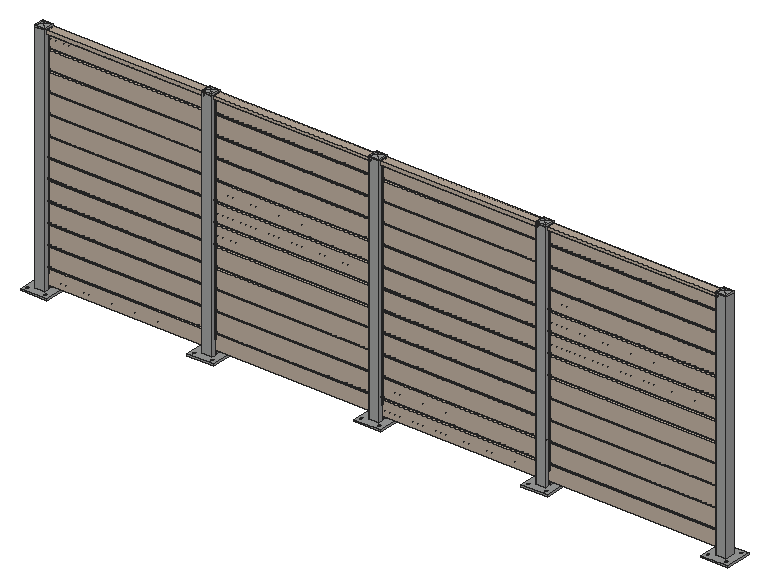
Revit family "Palmshield-Mercury-Solid-Aluminum-Array", category Specialty Equipment, Revit 2023
Family settings
  Round Connector Dimension = Use Diameter
  Part Type = Normal
  OmniClass Number = 23.55.00.00
  OmniClass Title = Manufactured Structures
  Enable Cutting in Views = No
  Cut with Voids When Loaded = No
  Maintain Annotation Orientation = No
  Shared = No
  Room Calculation Point = No
Parameters (values of type "Assembly")
  Warranty URL = "https://palmshieldlouvers.com/wp-content/uploads/2020/01/PalmSHIELD-Warranty-NO-SIGN-LINE.pdf"
  Version = "2020 - v1.0a"  # constant formula
  URL = "https://palmshieldlouvers.com/"
  Type Comments = ""
  Right Post UP [instance] = yes
  Right Post Position [instance] = 3
  Right Post Description [instance] = if(Right Post Position = 1, "Middle Post", if(Right Post Position = 2, "Corner Post", if(Right Post Position = 3, "End Post", "Not a Valid Option")))  # "End Post"
  Right Post DOWN [instance] = not(Right Post UP)  # no
  Left Post UP [instance] = yes
  Left Post Position [instance] = 3
  Left Post DOWN [instance] = not(Left Post UP)  # no
  C Left Post Position [instance] = if(and(Left Post UP, Left Post Position = 2), 3, if(and(Left Post DOWN, Left Post Position = 2), 4, if(Left Post Position = 3, 2, Left Post Position)))  # 2
  Left Post Description [instance] = if(Left Post Position = 1, "Middle Post", if(Left Post Position = 2, "Corner Post", if(Left Post Position = 3, "End Post", "Not a Valid Option")))  # "End Post"
  Left Post [instance] = yes
  Product Page URL = "https://palmshieldlouvers.com/products/augustus-solid/"
  Product Documentation Link = "https://palmshieldlouvers.com/wp-content/uploads/2020/05/PalmSHIELD-Solid-Composite-Technical-Data-Sheet.pdf"
  Post Finish = Metal - PalmSHIELD - Dusty Grey
  Panel Width [instance] = if(Desired Panel Width > C Max Panel Width, C Max Panel Width, if(Desired Panel Width < C Min Panel Width, C Min Panel Width, Desired Panel Width))  # 4' - 0"
  Panel Height [instance] = if(Desired Panel Height > C Max Panel Height, C Max Panel Height, if(Desired Panel Height < C Min Panel Height, C Min Panel Height, Desired Panel Height))  # 6' - 0"
  Model = "Augustus - Aluminum"  # constant formula
  Manufacturer Phone Number = "531-329-4406 "  # constant formula
  Manufacturer Email = "mailto: info@palmshieldlouvers.com"
  Manufacturer Address = "12330 Cary Circle, La Vista, NE 68128"  # constant formula
  Manufacturer = "PalmSHIELD"  # constant formula
  Louver Finsh = Metal - PalmSHIELD - Grey Beige
  Keynote = "05 10 00"
  Instruction Sheet Link = "https://palmshieldlouvers.com/wp-content/uploads/2020/01/PalmSHIELD-Post-Panel-Gate-Installation-Instructions-REV-1.pdf"
  ID [instance] = "Not Assigned"
  Frame Finish = Metal - PalmSHIELD - Dusty Grey
  Filler Panel [instance] = yes
  C Right Post Position [instance] = if(and(Right Post UP, Right Post Position = 2), 3, if(and(Right Post DOWN, Right Post Position = 2), 4, if(Right Post Position = 3, 2, Right Post Position)))  # 2
  Right Post [instance] = yes
  Desired Panel Width [instance] = 4' - 0"
  Desired Panel Height [instance] = 6' - 0"
  Real Length [instance] = if(system length 1 < (C Post Width + C Min Panel Width), (C Post Width + C Min Panel Width), system length 1)  # 17' - 4"
  Description = "Augustus - Aluminum - Panel Assembly"  # constant formula
  system length 1 [instance] = 17' - 4"
  Copyright = "Copyright ©2024 The American Fence Company and PalmSHIELD. All Rights Reserved."  # constant formula
  Component Name [instance] = "Augustus - Aluminum - Panel Assembly"  # constant formula
  C Single Post [instance] = if(C Condition Double, 1 = 1, if(and(Right Post, C Condition Single), 1 = 1, 1 = 0))  # no
  C Single Panel [instance] = or(C Condition Double, C Condition Single)  # no
  C Post Width [instance] = 0' - 3"  # constant formula
  C Multiple Post [instance] = (C Condition Multiple)  # yes
  C Multiple Panels [instance] = (C Condition Multiple)  # yes
  C Min Panel Width [instance] = 4' - 0"  # constant formula
  C Min Panel Height [instance] = C Min Panel Width  # 4' - 0"
  C Max Panel Width [instance] = 6' - 0"  # constant formula
  C Max Panel Height [instance] = 8' - 0"  # constant formula
  C Filler Post [instance] = and(not(C Condition Single), Filler Panel, Right Post, or(C Filler Panel Width = C Min Panel Width, C Filler Panel Width > C Min Panel Width))  # yes
  C Filler Panel Width Calculated [instance] = Real Length - C Calculated Total Length - Panel Width - C Post Width  # 4' - 4"
  C Filler Panel Width [instance] = if(C Filler Panel Width Calculated < C Min Panel Width, C Min Panel Width, if(C Filler Panel Width Calculated > C Max Panel Width, C Max Panel Width, C Filler Panel Width Calculated))  # 4' - 4"
  C Filler Panel [instance] = and(not(C Condition Single), Filler Panel, or(C Filler Panel Width = C Min Panel Width, C Filler Panel Width > C Min Panel Width))  # yes
  C Condition Single [instance] = C Array Count < 1  # no
  C Condition Multiple [instance] = C Array Count > 1  # yes
  C Condition Double [instance] = C Array Count = 1  # no
  C Complete Post [instance] = and(not(C Condition Single), not(Filler Panel), Right Post)  # no
  C Complete Panel [instance] = and(not(C Condition Single), not(Filler Panel))  # no
  C Calculated Total Length [instance] = if(C Array Count < 1, 0' 0", if(C Array Count = 1, C Post Width, Panel Width * (C Array Safe - 1) + C Post Width * (C Array Safe)))  # 8' - 9"
  C Calculated Filler Panel Length [instance] = if(C Array Count < 1, 0' 0", if(or(C Array Count = 2, C Array Count = 1), C Post Width, if(Filler Panel, (C Calculated Total Length - C Post Width - C Filler Panel Width), (C Calculated Total Length - C Post Width - Panel Width))))  # 4' - 2"
  C Array Safe [instance] = if(C Array Count < 2, 2, C Array Count)  # 3
  C Array Count [instance] = if(Filler Panel, roundup(((Real Length - C Min Panel Width) / (Panel Width + C Post Width)) - 1), roundup(((Real Length - (Panel Width)) / (Panel Width + C Post Width)) - 1))  # 3
  Assembly Code = "F1020100"
Reference planes (in)
  plane 1 "Center (Front/Back)": y = 0
  plane 2: z = 0
  plane 3 "Left": x = 0
  plane 4 "Right": x = 208
  plane 5 "Top": z = 72
  plane 6: x = 48
  plane 7: x = 51
  plane 8: x = 99
  plane 9: x = 102
  plane 10: x = -3
  plane 11: x = 153
  plane 12: x = 47
  plane 13: x = 205
  plane 14: x = 201
  plane 15: x = -1.5
  plane 16: x = 208
  plane 17: x = 206.5
  plane 18: x = 202.5
  plane 19: x = 204
  plane 20: x = 49.5
  plane 21: x = 100.5
  plane 22: y = -1.5
  plane 23: y = 1.5
Lines and regions (in)
  reference lines
    curve 1: line (0, 0, 0) -> (208, 0, 0)
Dimensions and locks (in)
  "system length 1": plane 3 "Left" to plane 4 "Right"
  "Panel Width": plane 6 to plane 3 "Left"
  "C Post Width": plane 7 to plane 6
  "Panel Width": plane 8 to plane 7
  "C Post Width": plane 9 to plane 8
  "C Post Width": plane 3 "Left" to plane 10
  "C Calculated Filler Panel Length": plane 12 to plane 10
  "C Filler Panel Width": plane 13 to plane 11
  "Panel Width": plane 14 to plane 11
  "C Calculated Total Length": plane 11 to plane 6
  equal spacing: plane 10, plane 15, plane 3 "Left"
  equal spacing: plane 16, plane 17, plane 13
  "C Post Width": plane 16 to plane 13
  equal spacing: plane 19, plane 18, plane 14
  "C Post Width": plane 19 to plane 14
  equal spacing: plane 9, plane 21, plane 8
  equal spacing: plane 7, plane 20, plane 6
  equal spacing: plane 22, plane 1 "Center (Front/Back)", plane 23
  "C Post Width": plane 22 to plane 23
  "Panel Height": plane 5 "Top" to level
  equal spacing: group 1, group 2, group 3  (x3)
  equal spacing: group 4, group 5, group 6  (x3)
  aligned and locked: plane 4 "Right" to curve 1
  aligned and locked: plane 1 "Center (Front/Back)" to curve 1
  aligned and locked: plane 3 "Left" to curve 1
  aligned and locked: level to plane 2
  aligned and locked: plane 3 "Left" to nested 1
  aligned and locked: nested 3 to plane 14
  aligned and locked: plane 1 "Center (Front/Back)" to nested 5
  aligned and locked: plane 1 "Center (Front/Back)" to nested 4
  aligned and locked: plane 1 "Center (Front/Back)" to nested 7
  aligned and locked: plane 17 to nested 5
  aligned and locked: plane 18 to nested 4
  aligned and locked: plane 20 to nested 7
  aligned and locked: plane 15 to nested 8
  aligned and locked: nested 8 to plane 1 "Center (Front/Back)"
  aligned and locked: plane 1 "Center (Front/Back)" to nested 6
  aligned and locked: plane 3 "Left" to nested 6
  aligned and locked: plane 11 to nested 2
  aligned and locked: plane 1 "Center (Front/Back)" to nested 2
  aligned and locked: plane 7 to nested 11
  aligned and locked: plane 1 "Center (Front/Back)" to nested 11
  aligned and locked: plane 1 "Center (Front/Back)" to nested 1
  aligned and locked: plane 1 "Center (Front/Back)" to nested 3
  aligned and locked: nested 69 to plane 1 "Center (Front/Back)"
  aligned and locked: plane 20 to nested 69
  aligned and locked: nested 73 to plane 1 "Center (Front/Back)"
  aligned and locked: plane 21 to nested 73
Nested families (in)
  nested 1: "Screening-Louver-Assembly-Panel-Palmshield-Mercury_Economic-Solid-Aluminum" at (0, 0, 0), Desired Overall Height <- "Panel Height", Desired Overall Width <- "Panel Width", visible <- "C Single Panel", Component Vis <- "C Single Panel", ID <- "ID", type ""
    with Width 4' - 0", ID "Not Assigned", Height 6' - 0", Desired Overall Width 4' - 0", Desired Overall Height 6' - 0", Desired Bottom Angle 0.00°, Component Vis no, Component Name "Mercury Economic Solid - Aluminum - Panel Assembly", C Min Width 4' - 0", C Min Height 4' - 0", C Max Width 6' - 0", C Max Height 8' - 0", C Angle 0.00°
  nested 2: "Screening-Louver-Assembly-Panel-Palmshield-Mercury_Economic-Solid-Aluminum" at (153, 0, 0), Desired Overall Height <- "Panel Height", Desired Overall Width <- "C Filler Panel Width", visible <- "C Filler Panel", Component Vis <- "C Filler Panel", ID <- "ID", type ""
    with Width 4' - 4", ID "Not Assigned", Height 6' - 0", Desired Overall Width 4' - 4", Desired Overall Height 6' - 0", Desired Bottom Angle 0.00°, Component Vis yes, Component Name "Mercury Economic Solid - Aluminum - Panel Assembly", C Min Width 4' - 0", C Min Height 4' - 0", C Max Width 6' - 0", C Max Height 8' - 0", C Angle 0.00°
  nested 3: "Screening-Louver-Assembly-Panel-Palmshield-Mercury_Economic-Solid-Aluminum" at (153, 0, 0), Desired Overall Height <- "Panel Height", Desired Overall Width <- "Panel Width", visible <- "C Complete Panel", Component Vis <- "C Complete Panel", ID <- "ID", type ""
    with Width 4' - 0", ID "Not Assigned", Height 6' - 0", Desired Overall Width 4' - 0", Desired Overall Height 6' - 0", Desired Bottom Angle 0.00°, Component Vis no, Component Name "Mercury Economic Solid - Aluminum - Panel Assembly", C Min Width 4' - 0", C Min Height 4' - 0", C Max Width 6' - 0", C Max Height 8' - 0", C Angle 0.00°
  nested 4: "Screening-Louver-Assembly-Post-Palmshield-Mercury_Economic-Solid" at (202.5, 0, 0), Desired Overall Height <- "Panel Height", visible <- "C Complete Post", Component Vis <- "C Complete Post", ID <- "ID", type ""
    with Post Position 1, ID "Not Assigned", Height 6' - 0", Desired Overall Height 6' - 0", Component Vis no, Component Name "Mercury Economic Solid - Aluminum - Square Post", C Min Height 3' - 4", C Max Height 8' - 0"
  nested 5: "Screening-Louver-Assembly-Post-Palmshield-Mercury_Economic-Solid" at (206.5, 0, 0), Desired Overall Height <- "Panel Height", visible <- "C Filler Post", Component Vis <- "C Filler Post", ID <- "ID", Post Position <- "C Right Post Position", type ""
    with Post Position 2, ID "Not Assigned", Height 6' - 0", Desired Overall Height 6' - 0", Component Vis yes, Component Name "Mercury Economic Solid - Aluminum - Square Post", C Min Height 3' - 4", C Max Height 8' - 0"
  nested 6: "Screening-Louver-Assembly-Panel-Palmshield-Mercury_Economic-Solid-Aluminum" at (0, 0, 0), Desired Overall Height <- "Panel Height", Desired Overall Width <- "Panel Width", visible <- "C Multiple Panels", Component Vis <- "C Multiple Panels", ID <- "ID", type "Assembly"
    with Width 4' - 0", ID "Not Assigned", Height 6' - 0", Desired Overall Width 4' - 0", Desired Overall Height 6' - 0", Desired Bottom Angle 0.00°, Component Vis yes, Component Name "Mercury Economic Solid - Aluminum - Panel Assembly", C Min Width 4' - 0", C Min Height 4' - 0", C Max Width 6' - 0", C Max Height 8' - 0", C Angle 0.00°
  nested 7: "Screening-Louver-Assembly-Post-Palmshield-Mercury_Economic-Solid" at (49.5, 0, 0), Desired Overall Height <- "Panel Height", visible <- "C Single Post", Component Vis <- "C Single Post", ID <- "ID", type ""
    with Post Position 1, ID "Not Assigned", Height 6' - 0", Desired Overall Height 6' - 0", Component Vis no, Component Name "Mercury Economic Solid - Aluminum - Square Post", C Min Height 3' - 4", C Max Height 8' - 0"
  nested 8: "Screening-Louver-Assembly-Post-Palmshield-Mercury_Economic-Solid" at (-1.5, 0, 0) x (-1, 0, 0) z (0, 0, 1), Desired Overall Height <- "Panel Height", visible <- "Left Post", Component Vis <- "Left Post", ID <- "ID", type ""
    with Post Position 1, ID "Not Assigned", Height 6' - 0", Desired Overall Height 6' - 0", Component Vis yes, Component Name "Mercury Economic Solid - Aluminum - Square Post", C Min Height 3' - 4", C Max Height 8' - 0"
  nested 9: "Nested-Base_Plate-Palmshield-Mercury_Economic-Solid-Vinyl" at (-1.5, 0, 0) x (-1, 0, 0) z (0, 0, 1), type ""
    with Material Metal - PalmSHIELD - Dusty Grey, ID "Not Assigned", Component Name "Mercury Economic Solid - Aluminum - Base Plate"
  nested 10: "Nested-Top_Cap-Palmshield-Mercury_Economic-Solid-Vinyl" at (-1.5, 0, 72) x (-1, 0, 0) z (0, 0, 1), type ""
    with Material Metal - PalmSHIELD - Dusty Grey, ID "Not Assigned", Component Name "Mercury Economic Solid - Aluminum - Top Cap"
  nested 11: "Screening-Louver-Assembly-Panel-Palmshield-Mercury_Economic-Solid-Aluminum" at (51, 0, 0), Desired Overall Height <- "Panel Height", Desired Overall Width <- "Panel Width", visible <- "C Multiple Panels", Component Vis <- "C Multiple Panels", ID <- "ID", type "Assembly"
    with Width 4' - 0", ID "Not Assigned", Height 6' - 0", Desired Overall Width 4' - 0", Desired Overall Height 6' - 0", Desired Bottom Angle 0.00°, Component Vis yes, Component Name "Mercury Economic Solid - Aluminum - Panel Assembly", C Min Width 4' - 0", C Min Height 4' - 0", C Max Width 6' - 0", C Max Height 8' - 0", C Angle 0.00°
  nested 12: "Nested-Louvers-Palmshield-Mercury_Economic-Solid-Aluminum" at (50.5, 0, 6.625) x (0, 1, 0) z (1, 0, 0), type ""
    with Material Metal - PalmSHIELD - Grey Beige, Length 4' - 1", ID "Not Assigned", Field Cut no, Desired Cut Distance 0' - 1 3/4", Component Name "Mercury Economic Solid - Aluminum - Louvers", C Cut Distance 0' - 0 3/4"
  nested 13: "Nested-Louvers-Palmshield-Mercury_Economic-Solid-Aluminum" at (50.5, 0, 36.625) x (0, 1, 0) z (1, 0, 0), type ""
    with Material Metal - PalmSHIELD - Grey Beige, Length 4' - 1", ID "Not Assigned", Field Cut no, Desired Cut Distance 0' - 1 3/4", Component Name "Mercury Economic Solid - Aluminum - Louvers", C Cut Distance 0' - 0 3/4"
  nested 14: "Nested-Louvers-Palmshield-Mercury_Economic-Solid-Aluminum" at (50.5, 0, 42.625) x (0, 1, 0) z (1, 0, 0), type ""
    with Material Metal - PalmSHIELD - Grey Beige, Length 4' - 1", ID "Not Assigned", Field Cut no, Desired Cut Distance 0' - 1 3/4", Component Name "Mercury Economic Solid - Aluminum - Louvers", C Cut Distance 0' - 0 3/4"
  nested 15: "Nested-Louvers-Palmshield-Mercury_Economic-Solid-Aluminum" at (50.5, 0, 48.625) x (0, 1, 0) z (1, 0, 0), type ""
    with Material Metal - PalmSHIELD - Grey Beige, Length 4' - 1", ID "Not Assigned", Field Cut no, Desired Cut Distance 0' - 1 3/4", Component Name "Mercury Economic Solid - Aluminum - Louvers", C Cut Distance 0' - 0 3/4"
  nested 16: "Nested-Louvers-Palmshield-Mercury_Economic-Solid-Aluminum" at (50.5, 0, 54.625) x (0, 1, 0) z (1, 0, 0), type ""
    with Material Metal - PalmSHIELD - Grey Beige, Length 4' - 1", ID "Not Assigned", Field Cut no, Desired Cut Distance 0' - 1 3/4", Component Name "Mercury Economic Solid - Aluminum - Louvers", C Cut Distance 0' - 0 3/4"
  nested 17: "Nested-Louvers-Palmshield-Mercury_Economic-Solid-Aluminum" at (50.5, 0, 60.625) x (0, 1, 0) z (1, 0, 0), type ""
    with Material Metal - PalmSHIELD - Grey Beige, Length 4' - 1", ID "Not Assigned", Field Cut no, Desired Cut Distance 0' - 1 3/4", Component Name "Mercury Economic Solid - Aluminum - Louvers", C Cut Distance 0' - 0 3/4"
  nested 18: "Nested-U_Channel-Palmshield-Mercury_Economic-Solid-Aluminum" at (50.5, 0, 72) x (0, 1, 0) z (1, 0, 0), type ""
    with Material Metal - PalmSHIELD - Grey Beige, Length 4' - 1", ID "Not Assigned", Component Name "Mercury Economic Solid - Aluminum - U Channel"
  nested 19: "Nested-Louvers-Palmshield-Mercury_Economic-Solid-Aluminum" at (50.5, 0, 66.625) x (0, 1, 0) z (1, 0, 0), type ""
    with Material Metal - PalmSHIELD - Grey Beige, Length 4' - 1", ID "Not Assigned", Field Cut yes, Desired Cut Distance 0' - 2 5/8", Component Name "Mercury Economic Solid - Aluminum - Louvers", C Cut Distance 0' - 2 5/8"
  nested 20: "Nested-Louvers-Palmshield-Mercury_Economic-Solid-Aluminum" at (50.5, 0, 6.625) x (0, -1, 0) z (1, 0, 0), type ""
    with Material Metal - PalmSHIELD - Grey Beige, Length 4' - 1", ID "Not Assigned", Field Cut yes, Desired Cut Distance 0' - 2 3/8", Component Name "Mercury Economic Solid - Aluminum - Louvers", C Cut Distance 0' - 2 3/8"
  nested 21: "Nested-Louvers-Palmshield-Mercury_Economic-Solid-Aluminum" at (-0.5, 0, 6.625) x (0, 1, 0) z (1, 0, 0), type ""
    with Material Metal - PalmSHIELD - Grey Beige, Length 4' - 1", ID "Not Assigned", Field Cut no, Desired Cut Distance 0' - 1 3/4", Component Name "Mercury Economic Solid - Aluminum - Louvers", C Cut Distance 0' - 0 3/4"
  nested 22: "Nested-Louvers-Palmshield-Mercury_Economic-Solid-Aluminum" at (-0.5, 0, 36.625) x (0, 1, 0) z (1, 0, 0), type ""
    with Material Metal - PalmSHIELD - Grey Beige, Length 4' - 1", ID "Not Assigned", Field Cut no, Desired Cut Distance 0' - 1 3/4", Component Name "Mercury Economic Solid - Aluminum - Louvers", C Cut Distance 0' - 0 3/4"
  nested 23: "Nested-Louvers-Palmshield-Mercury_Economic-Solid-Aluminum" at (-0.5, 0, 42.625) x (0, 1, 0) z (1, 0, 0), type ""
    with Material Metal - PalmSHIELD - Grey Beige, Length 4' - 1", ID "Not Assigned", Field Cut no, Desired Cut Distance 0' - 1 3/4", Component Name "Mercury Economic Solid - Aluminum - Louvers", C Cut Distance 0' - 0 3/4"
  nested 24: "Nested-Louvers-Palmshield-Mercury_Economic-Solid-Aluminum" at (-0.5, 0, 48.625) x (0, 1, 0) z (1, 0, 0), type ""
    with Material Metal - PalmSHIELD - Grey Beige, Length 4' - 1", ID "Not Assigned", Field Cut no, Desired Cut Distance 0' - 1 3/4", Component Name "Mercury Economic Solid - Aluminum - Louvers", C Cut Distance 0' - 0 3/4"
  nested 25: "Nested-Louvers-Palmshield-Mercury_Economic-Solid-Aluminum" at (-0.5, 0, 54.625) x (0, 1, 0) z (1, 0, 0), type ""
    with Material Metal - PalmSHIELD - Grey Beige, Length 4' - 1", ID "Not Assigned", Field Cut no, Desired Cut Distance 0' - 1 3/4", Component Name "Mercury Economic Solid - Aluminum - Louvers", C Cut Distance 0' - 0 3/4"
  nested 26: "Nested-Louvers-Palmshield-Mercury_Economic-Solid-Aluminum" at (-0.5, 0, 60.625) x (0, 1, 0) z (1, 0, 0), type ""
    with Material Metal - PalmSHIELD - Grey Beige, Length 4' - 1", ID "Not Assigned", Field Cut no, Desired Cut Distance 0' - 1 3/4", Component Name "Mercury Economic Solid - Aluminum - Louvers", C Cut Distance 0' - 0 3/4"
  nested 27: "Nested-U_Channel-Palmshield-Mercury_Economic-Solid-Aluminum" at (-0.5, 0, 72) x (0, 1, 0) z (1, 0, 0), type ""
    with Material Metal - PalmSHIELD - Grey Beige, Length 4' - 1", ID "Not Assigned", Component Name "Mercury Economic Solid - Aluminum - U Channel"
  nested 28: "Nested-Louvers-Palmshield-Mercury_Economic-Solid-Aluminum" at (-0.5, 0, 66.625) x (0, 1, 0) z (1, 0, 0), type ""
    with Material Metal - PalmSHIELD - Grey Beige, Length 4' - 1", ID "Not Assigned", Field Cut yes, Desired Cut Distance 0' - 2 5/8", Component Name "Mercury Economic Solid - Aluminum - Louvers", C Cut Distance 0' - 2 5/8"
  nested 29: "Nested-Louvers-Palmshield-Mercury_Economic-Solid-Aluminum" at (-0.5, 0, 6.625) x (0, -1, 0) z (1, 0, 0), type ""
    with Material Metal - PalmSHIELD - Grey Beige, Length 4' - 1", ID "Not Assigned", Field Cut yes, Desired Cut Distance 0' - 2 3/8", Component Name "Mercury Economic Solid - Aluminum - Louvers", C Cut Distance 0' - 2 3/8"
  nested 30: "Nested-Louvers-Palmshield-Mercury_Economic-Solid-Aluminum" at (152.5, 0, 6.625) x (0, 1, 0) z (1, 0, 0), type ""
    with Material Metal - PalmSHIELD - Grey Beige, Length 4' - 5", ID "Not Assigned", Field Cut no, Desired Cut Distance 0' - 1 3/4", Component Name "Mercury Economic Solid - Aluminum - Louvers", C Cut Distance 0' - 0 3/4"
  nested 31: "Nested-Louvers-Palmshield-Mercury_Economic-Solid-Aluminum" at (152.5, 0, 36.625) x (0, 1, 0) z (1, 0, 0), type ""
    with Material Metal - PalmSHIELD - Grey Beige, Length 4' - 5", ID "Not Assigned", Field Cut no, Desired Cut Distance 0' - 1 3/4", Component Name "Mercury Economic Solid - Aluminum - Louvers", C Cut Distance 0' - 0 3/4"
  nested 32: "Nested-Louvers-Palmshield-Mercury_Economic-Solid-Aluminum" at (152.5, 0, 42.625) x (0, 1, 0) z (1, 0, 0), type ""
    with Material Metal - PalmSHIELD - Grey Beige, Length 4' - 5", ID "Not Assigned", Field Cut no, Desired Cut Distance 0' - 1 3/4", Component Name "Mercury Economic Solid - Aluminum - Louvers", C Cut Distance 0' - 0 3/4"
  nested 33: "Nested-Louvers-Palmshield-Mercury_Economic-Solid-Aluminum" at (152.5, 0, 48.625) x (0, 1, 0) z (1, 0, 0), type ""
    with Material Metal - PalmSHIELD - Grey Beige, Length 4' - 5", ID "Not Assigned", Field Cut no, Desired Cut Distance 0' - 1 3/4", Component Name "Mercury Economic Solid - Aluminum - Louvers", C Cut Distance 0' - 0 3/4"
  nested 34: "Nested-Louvers-Palmshield-Mercury_Economic-Solid-Aluminum" at (152.5, 0, 54.625) x (0, 1, 0) z (1, 0, 0), type ""
    with Material Metal - PalmSHIELD - Grey Beige, Length 4' - 5", ID "Not Assigned", Field Cut no, Desired Cut Distance 0' - 1 3/4", Component Name "Mercury Economic Solid - Aluminum - Louvers", C Cut Distance 0' - 0 3/4"
  nested 35: "Nested-Louvers-Palmshield-Mercury_Economic-Solid-Aluminum" at (152.5, 0, 60.625) x (0, 1, 0) z (1, 0, 0), type ""
    with Material Metal - PalmSHIELD - Grey Beige, Length 4' - 5", ID "Not Assigned", Field Cut no, Desired Cut Distance 0' - 1 3/4", Component Name "Mercury Economic Solid - Aluminum - Louvers", C Cut Distance 0' - 0 3/4"
  nested 36: "Nested-U_Channel-Palmshield-Mercury_Economic-Solid-Aluminum" at (152.5, 0, 72) x (0, 1, 0) z (1, 0, 0), type ""
    with Material Metal - PalmSHIELD - Grey Beige, Length 4' - 5", ID "Not Assigned", Component Name "Mercury Economic Solid - Aluminum - U Channel"
  nested 37: "Nested-Louvers-Palmshield-Mercury_Economic-Solid-Aluminum" at (152.5, 0, 66.625) x (0, 1, 0) z (1, 0, 0), type ""
    with Material Metal - PalmSHIELD - Grey Beige, Length 4' - 5", ID "Not Assigned", Field Cut yes, Desired Cut Distance 0' - 2 5/8", Component Name "Mercury Economic Solid - Aluminum - Louvers", C Cut Distance 0' - 2 5/8"
  nested 38: "Nested-Louvers-Palmshield-Mercury_Economic-Solid-Aluminum" at (152.5, 0, 6.625) x (0, -1, 0) z (1, 0, 0), type ""
    with Material Metal - PalmSHIELD - Grey Beige, Length 4' - 5", ID "Not Assigned", Field Cut yes, Desired Cut Distance 0' - 2 3/8", Component Name "Mercury Economic Solid - Aluminum - Louvers", C Cut Distance 0' - 2 3/8"
  nested 39: "Nested-Base_Plate-Palmshield-Mercury_Economic-Solid-Vinyl" at (206.5, 0, 0), type ""
    with Material Metal - PalmSHIELD - Dusty Grey, ID "Not Assigned", Component Name "Mercury Economic Solid - Aluminum - Base Plate"
  nested 40: "Nested-Top_Cap-Palmshield-Mercury_Economic-Solid-Vinyl" at (206.5, 0, 72), type ""
    with Material Metal - PalmSHIELD - Dusty Grey, ID "Not Assigned", Component Name "Mercury Economic Solid - Aluminum - Top Cap"
  nested 41: "Screening-Louver-Assembly-Panel-Palmshield-Mercury_Economic-Solid-Aluminum" at (102, 0, 0), Desired Overall Height <- "Panel Height", Desired Overall Width <- "Panel Width", visible <- "C Multiple Panels", Component Vis <- "C Multiple Panels", ID <- "ID", type "Assembly"
    with Width 4' - 0", ID "Not Assigned", Height 6' - 0", Desired Overall Width 4' - 0", Desired Overall Height 6' - 0", Desired Bottom Angle 0.00°, Component Vis yes, Component Name "Mercury Economic Solid - Aluminum - Panel Assembly", C Min Width 4' - 0", C Min Height 4' - 0", C Max Width 6' - 0", C Max Height 8' - 0", C Angle 0.00°
  nested 42: "Nested-Louvers-Palmshield-Mercury_Economic-Solid-Aluminum" at (101.5, 0, 6.625) x (0, 1, 0) z (1, 0, 0), type ""
    with Material Metal - PalmSHIELD - Grey Beige, Length 4' - 1", ID "Not Assigned", Field Cut no, Desired Cut Distance 0' - 1 3/4", Component Name "Mercury Economic Solid - Aluminum - Louvers", C Cut Distance 0' - 0 3/4"
  nested 43: "Nested-Louvers-Palmshield-Mercury_Economic-Solid-Aluminum" at (101.5, 0, 36.625) x (0, 1, 0) z (1, 0, 0), type ""
    with Material Metal - PalmSHIELD - Grey Beige, Length 4' - 1", ID "Not Assigned", Field Cut no, Desired Cut Distance 0' - 1 3/4", Component Name "Mercury Economic Solid - Aluminum - Louvers", C Cut Distance 0' - 0 3/4"
  nested 44: "Nested-Louvers-Palmshield-Mercury_Economic-Solid-Aluminum" at (101.5, 0, 42.625) x (0, 1, 0) z (1, 0, 0), type ""
    with Material Metal - PalmSHIELD - Grey Beige, Length 4' - 1", ID "Not Assigned", Field Cut no, Desired Cut Distance 0' - 1 3/4", Component Name "Mercury Economic Solid - Aluminum - Louvers", C Cut Distance 0' - 0 3/4"
  nested 45: "Nested-Louvers-Palmshield-Mercury_Economic-Solid-Aluminum" at (101.5, 0, 48.625) x (0, 1, 0) z (1, 0, 0), type ""
    with Material Metal - PalmSHIELD - Grey Beige, Length 4' - 1", ID "Not Assigned", Field Cut no, Desired Cut Distance 0' - 1 3/4", Component Name "Mercury Economic Solid - Aluminum - Louvers", C Cut Distance 0' - 0 3/4"
  nested 46: "Nested-Louvers-Palmshield-Mercury_Economic-Solid-Aluminum" at (101.5, 0, 54.625) x (0, 1, 0) z (1, 0, 0), type ""
    with Material Metal - PalmSHIELD - Grey Beige, Length 4' - 1", ID "Not Assigned", Field Cut no, Desired Cut Distance 0' - 1 3/4", Component Name "Mercury Economic Solid - Aluminum - Louvers", C Cut Distance 0' - 0 3/4"
  nested 47: "Nested-Louvers-Palmshield-Mercury_Economic-Solid-Aluminum" at (101.5, 0, 60.625) x (0, 1, 0) z (1, 0, 0), type ""
    with Material Metal - PalmSHIELD - Grey Beige, Length 4' - 1", ID "Not Assigned", Field Cut no, Desired Cut Distance 0' - 1 3/4", Component Name "Mercury Economic Solid - Aluminum - Louvers", C Cut Distance 0' - 0 3/4"
  nested 48: "Nested-U_Channel-Palmshield-Mercury_Economic-Solid-Aluminum" at (101.5, 0, 72) x (0, 1, 0) z (1, 0, 0), type ""
    with Material Metal - PalmSHIELD - Grey Beige, Length 4' - 1", ID "Not Assigned", Component Name "Mercury Economic Solid - Aluminum - U Channel"
  nested 49: "Nested-Louvers-Palmshield-Mercury_Economic-Solid-Aluminum" at (101.5, 0, 66.625) x (0, 1, 0) z (1, 0, 0), type ""
    with Material Metal - PalmSHIELD - Grey Beige, Length 4' - 1", ID "Not Assigned", Field Cut yes, Desired Cut Distance 0' - 2 5/8", Component Name "Mercury Economic Solid - Aluminum - Louvers", C Cut Distance 0' - 2 5/8"
  nested 50: "Nested-Louvers-Palmshield-Mercury_Economic-Solid-Aluminum" at (101.5, 0, 6.625) x (0, -1, 0) z (1, 0, 0), type ""
    with Material Metal - PalmSHIELD - Grey Beige, Length 4' - 1", ID "Not Assigned", Field Cut yes, Desired Cut Distance 0' - 2 3/8", Component Name "Mercury Economic Solid - Aluminum - Louvers", C Cut Distance 0' - 2 3/8"
  nested 51: "Nested-Square_Post-Palmshield-Mercury_Economic-Solid-Vinyl" at (206.5, 0, 0.5), type ""
    with Post Position 2, Middle Post no, Material Metal - PalmSHIELD - Dusty Grey, Length 5' - 11 1/2", ID "", End Post yes, Corner Post Up no, Corner Post Down no, Component Name "Mercury Economic Solid - Aluminum - Post"
  nested 52: "Nested-Square_Post-Palmshield-Mercury_Economic-Solid-Vinyl" at (-1.5, 0, 0.5) x (-1, 0, 0) z (0, 0, 1), type ""
    with Post Position 1, Middle Post yes, Material Metal - PalmSHIELD - Dusty Grey, Length 5' - 11 1/2", ID "", End Post no, Corner Post Up no, Corner Post Down no, Component Name "Mercury Economic Solid - Aluminum - Post"
  nested 53: "Nested-Louvers-Palmshield-Mercury_Economic-Solid-Aluminum" at (152.5, 0, 12.625) x (0, 1, 0) z (1, 0, 0), type ""
    with Material Metal - PalmSHIELD - Grey Beige, Length 4' - 5", ID "Not Assigned", Field Cut no, Desired Cut Distance 0' - 1 3/4", Component Name "Mercury Economic Solid - Aluminum - Louvers", C Cut Distance 0' - 0 3/4"
  nested 54: "Nested-Louvers-Palmshield-Mercury_Economic-Solid-Aluminum" at (152.5, 0, 18.625) x (0, 1, 0) z (1, 0, 0), type ""
    with Material Metal - PalmSHIELD - Grey Beige, Length 4' - 5", ID "Not Assigned", Field Cut no, Desired Cut Distance 0' - 1 3/4", Component Name "Mercury Economic Solid - Aluminum - Louvers", C Cut Distance 0' - 0 3/4"
  nested 55: "Nested-Louvers-Palmshield-Mercury_Economic-Solid-Aluminum" at (152.5, 0, 24.625) x (0, 1, 0) z (1, 0, 0), type ""
    with Material Metal - PalmSHIELD - Grey Beige, Length 4' - 5", ID "Not Assigned", Field Cut no, Desired Cut Distance 0' - 1 3/4", Component Name "Mercury Economic Solid - Aluminum - Louvers", C Cut Distance 0' - 0 3/4"
  nested 56: "Nested-Louvers-Palmshield-Mercury_Economic-Solid-Aluminum" at (152.5, 0, 30.625) x (0, 1, 0) z (1, 0, 0), type ""
    with Material Metal - PalmSHIELD - Grey Beige, Length 4' - 5", ID "Not Assigned", Field Cut no, Desired Cut Distance 0' - 1 3/4", Component Name "Mercury Economic Solid - Aluminum - Louvers", C Cut Distance 0' - 0 3/4"
  nested 57: "Nested-Louvers-Palmshield-Mercury_Economic-Solid-Aluminum" at (-0.5, 0, 12.625) x (0, 1, 0) z (1, 0, 0), type ""
    with Material Metal - PalmSHIELD - Grey Beige, Length 4' - 1", ID "Not Assigned", Field Cut no, Desired Cut Distance 0' - 1 3/4", Component Name "Mercury Economic Solid - Aluminum - Louvers", C Cut Distance 0' - 0 3/4"
  nested 58: "Nested-Louvers-Palmshield-Mercury_Economic-Solid-Aluminum" at (-0.5, 0, 18.625) x (0, 1, 0) z (1, 0, 0), type ""
    with Material Metal - PalmSHIELD - Grey Beige, Length 4' - 1", ID "Not Assigned", Field Cut no, Desired Cut Distance 0' - 1 3/4", Component Name "Mercury Economic Solid - Aluminum - Louvers", C Cut Distance 0' - 0 3/4"
  nested 59: "Nested-Louvers-Palmshield-Mercury_Economic-Solid-Aluminum" at (-0.5, 0, 24.625) x (0, 1, 0) z (1, 0, 0), type ""
    with Material Metal - PalmSHIELD - Grey Beige, Length 4' - 1", ID "Not Assigned", Field Cut no, Desired Cut Distance 0' - 1 3/4", Component Name "Mercury Economic Solid - Aluminum - Louvers", C Cut Distance 0' - 0 3/4"
  nested 60: "Nested-Louvers-Palmshield-Mercury_Economic-Solid-Aluminum" at (-0.5, 0, 30.625) x (0, 1, 0) z (1, 0, 0), type ""
    with Material Metal - PalmSHIELD - Grey Beige, Length 4' - 1", ID "Not Assigned", Field Cut no, Desired Cut Distance 0' - 1 3/4", Component Name "Mercury Economic Solid - Aluminum - Louvers", C Cut Distance 0' - 0 3/4"
  nested 61: "Nested-Louvers-Palmshield-Mercury_Economic-Solid-Aluminum" at (50.5, 0, 12.625) x (0, 1, 0) z (1, 0, 0), type ""
    with Material Metal - PalmSHIELD - Grey Beige, Length 4' - 1", ID "Not Assigned", Field Cut no, Desired Cut Distance 0' - 1 3/4", Component Name "Mercury Economic Solid - Aluminum - Louvers", C Cut Distance 0' - 0 3/4"
  nested 62: "Nested-Louvers-Palmshield-Mercury_Economic-Solid-Aluminum" at (50.5, 0, 18.625) x (0, 1, 0) z (1, 0, 0), type ""
    with Material Metal - PalmSHIELD - Grey Beige, Length 4' - 1", ID "Not Assigned", Field Cut no, Desired Cut Distance 0' - 1 3/4", Component Name "Mercury Economic Solid - Aluminum - Louvers", C Cut Distance 0' - 0 3/4"
  nested 63: "Nested-Louvers-Palmshield-Mercury_Economic-Solid-Aluminum" at (50.5, 0, 24.625) x (0, 1, 0) z (1, 0, 0), type ""
    with Material Metal - PalmSHIELD - Grey Beige, Length 4' - 1", ID "Not Assigned", Field Cut no, Desired Cut Distance 0' - 1 3/4", Component Name "Mercury Economic Solid - Aluminum - Louvers", C Cut Distance 0' - 0 3/4"
  nested 64: "Nested-Louvers-Palmshield-Mercury_Economic-Solid-Aluminum" at (50.5, 0, 30.625) x (0, 1, 0) z (1, 0, 0), type ""
    with Material Metal - PalmSHIELD - Grey Beige, Length 4' - 1", ID "Not Assigned", Field Cut no, Desired Cut Distance 0' - 1 3/4", Component Name "Mercury Economic Solid - Aluminum - Louvers", C Cut Distance 0' - 0 3/4"
  nested 65: "Nested-Louvers-Palmshield-Mercury_Economic-Solid-Aluminum" at (101.5, 0, 12.625) x (0, 1, 0) z (1, 0, 0), type ""
    with Material Metal - PalmSHIELD - Grey Beige, Length 4' - 1", ID "Not Assigned", Field Cut no, Desired Cut Distance 0' - 1 3/4", Component Name "Mercury Economic Solid - Aluminum - Louvers", C Cut Distance 0' - 0 3/4"
  nested 66: "Nested-Louvers-Palmshield-Mercury_Economic-Solid-Aluminum" at (101.5, 0, 18.625) x (0, 1, 0) z (1, 0, 0), type ""
    with Material Metal - PalmSHIELD - Grey Beige, Length 4' - 1", ID "Not Assigned", Field Cut no, Desired Cut Distance 0' - 1 3/4", Component Name "Mercury Economic Solid - Aluminum - Louvers", C Cut Distance 0' - 0 3/4"
  nested 67: "Nested-Louvers-Palmshield-Mercury_Economic-Solid-Aluminum" at (101.5, 0, 24.625) x (0, 1, 0) z (1, 0, 0), type ""
    with Material Metal - PalmSHIELD - Grey Beige, Length 4' - 1", ID "Not Assigned", Field Cut no, Desired Cut Distance 0' - 1 3/4", Component Name "Mercury Economic Solid - Aluminum - Louvers", C Cut Distance 0' - 0 3/4"
  nested 68: "Nested-Louvers-Palmshield-Mercury_Economic-Solid-Aluminum" at (101.5, 0, 30.625) x (0, 1, 0) z (1, 0, 0), type ""
    with Material Metal - PalmSHIELD - Grey Beige, Length 4' - 1", ID "Not Assigned", Field Cut no, Desired Cut Distance 0' - 1 3/4", Component Name "Mercury Economic Solid - Aluminum - Louvers", C Cut Distance 0' - 0 3/4"
  nested 69: "Screening-Louver-Assembly-Post-Palmshield-Mercury_Economic-Solid" at (49.5, 0, 0) x (-1, 0, 0) z (0, 0, 1), Desired Overall Height <- "Panel Height", visible <- "Left Post", Component Vis <- "Left Post", ID <- "ID", type ""
    with Post Position 1, ID "Not Assigned", Height 6' - 0", Desired Overall Height 6' - 0", Component Vis yes, Component Name "Mercury Economic Solid - Aluminum - Square Post", C Min Height 3' - 4", C Max Height 8' - 0"
  nested 70: "Nested-Base_Plate-Palmshield-Mercury_Economic-Solid-Vinyl" at (49.5, 0, 0) x (-1, 0, 0) z (0, 0, 1), type ""
    with Material Metal - PalmSHIELD - Dusty Grey, ID "Not Assigned", Component Name "Mercury Economic Solid - Aluminum - Base Plate"
  nested 71: "Nested-Top_Cap-Palmshield-Mercury_Economic-Solid-Vinyl" at (49.5, 0, 72) x (-1, 0, 0) z (0, 0, 1), type ""
    with Material Metal - PalmSHIELD - Dusty Grey, ID "Not Assigned", Component Name "Mercury Economic Solid - Aluminum - Top Cap"
  nested 72: "Nested-Square_Post-Palmshield-Mercury_Economic-Solid-Vinyl" at (49.5, 0, 0.5) x (-1, 0, 0) z (0, 0, 1), type ""
    with Post Position 1, Middle Post yes, Material Metal - PalmSHIELD - Dusty Grey, Length 5' - 11 1/2", ID "", End Post no, Corner Post Up no, Corner Post Down no, Component Name "Mercury Economic Solid - Aluminum - Post"
  nested 73: "Screening-Louver-Assembly-Post-Palmshield-Mercury_Economic-Solid" at (100.5, 0, 0) x (-1, 0, 0) z (0, 0, 1), Desired Overall Height <- "Panel Height", visible <- "Left Post", Component Vis <- "Left Post", ID <- "ID", type ""
    with Post Position 1, ID "Not Assigned", Height 6' - 0", Desired Overall Height 6' - 0", Component Vis yes, Component Name "Mercury Economic Solid - Aluminum - Square Post", C Min Height 3' - 4", C Max Height 8' - 0"
  nested 74: "Nested-Base_Plate-Palmshield-Mercury_Economic-Solid-Vinyl" at (100.5, 0, 0) x (-1, 0, 0) z (0, 0, 1), type ""
    with Material Metal - PalmSHIELD - Dusty Grey, ID "Not Assigned", Component Name "Mercury Economic Solid - Aluminum - Base Plate"
  nested 75: "Nested-Top_Cap-Palmshield-Mercury_Economic-Solid-Vinyl" at (100.5, 0, 72) x (-1, 0, 0) z (0, 0, 1), type ""
    with Material Metal - PalmSHIELD - Dusty Grey, ID "Not Assigned", Component Name "Mercury Economic Solid - Aluminum - Top Cap"
  nested 76: "Nested-Square_Post-Palmshield-Mercury_Economic-Solid-Vinyl" at (100.5, 0, 0.5) x (-1, 0, 0) z (0, 0, 1), type ""
    with Post Position 1, Middle Post yes, Material Metal - PalmSHIELD - Dusty Grey, Length 5' - 11 1/2", ID "", End Post no, Corner Post Up no, Corner Post Down no, Component Name "Mercury Economic Solid - Aluminum - Post"
  nested 77: "Screening-Louver-Assembly-Post-Palmshield-Mercury_Economic-Solid" at (151.5, 0, 0) x (-1, 0, 0) z (0, 0, 1), Desired Overall Height <- "Panel Height", visible <- "Left Post", Component Vis <- "Left Post", ID <- "ID", type ""
    with Post Position 1, ID "Not Assigned", Height 6' - 0", Desired Overall Height 6' - 0", Component Vis yes, Component Name "Mercury Economic Solid - Aluminum - Square Post", C Min Height 3' - 4", C Max Height 8' - 0"
  nested 78: "Nested-Base_Plate-Palmshield-Mercury_Economic-Solid-Vinyl" at (151.5, 0, 0) x (-1, 0, 0) z (0, 0, 1), type ""
    with Material Metal - PalmSHIELD - Dusty Grey, ID "Not Assigned", Component Name "Mercury Economic Solid - Aluminum - Base Plate"
  nested 79: "Nested-Top_Cap-Palmshield-Mercury_Economic-Solid-Vinyl" at (151.5, 0, 72) x (-1, 0, 0) z (0, 0, 1), type ""
    with Material Metal - PalmSHIELD - Dusty Grey, ID "Not Assigned", Component Name "Mercury Economic Solid - Aluminum - Top Cap"
  nested 80: "Nested-Square_Post-Palmshield-Mercury_Economic-Solid-Vinyl" at (151.5, 0, 0.5) x (-1, 0, 0) z (0, 0, 1), type ""
    with Post Position 1, Middle Post yes, Material Metal - PalmSHIELD - Dusty Grey, Length 5' - 11 1/2", ID "", End Post no, Corner Post Up no, Corner Post Down no, Component Name "Mercury Economic Solid - Aluminum - Post"
Definition of nested family "Nested-Base_Plate-Palmshield-Mercury_Economic-Solid-Vinyl"
  Parameters (values of type "8" x 8" x 1/2"")
    Width = 0' - 8"  # constant formula
    Warranty URL = "https://palmshieldlouvers.com/wp-content/uploads/2020/01/PalmSHIELD-Warranty-NO-SIGN-LINE.pdf"
    Version = "2020 - v1.0a"  # constant formula
    URL = "https://palmshieldlouvers.com/"
    Thickness = 0' - 0 1/2"  # constant formula
    Product Page URL = "Contact Manufacturer for More Information"
    Product Documentation Link = "Contact Manufacturer for More Information"
    Model = "Mercury Economic Solid"  # constant formula
    Material [instance] = none
    Manufacturer Phone Number = "531-329-4406 "  # constant formula
    Manufacturer Fax Number = "Consult Manufacturer Website for More Information"  # constant formula
    Manufacturer Email = "mailto: info@palmshieldlouvers.com"
    Manufacturer Address = "12330 Cary Circle, La Vista, NE 68128"  # constant formula
    Manufacturer = "PalmSHIELD"  # constant formula
    Keynote = "05 10 00"
    ID [instance] = ""
    Hole Diameter = 0' - 0 3/4"  # constant formula
    Description = "Mercury Economic Solid - Aluminum - Base Plate"  # constant formula
    Default Elevation = 4' - 0"
    Copyright = "©2023 The American Fence Company and PalmSHIELD. All Rights Reserved."  # constant formula
    Component Name [instance] = "Mercury Economic Solid - Aluminum - Base Plate"  # constant formula
    C Hole Offset = 0' - 1 1/4"  # constant formula
    Assembly Code = "F1020100"
  Reference planes (in)
    plane 1 "Center (Front/Back)": y = 0
    plane 2: z = 0
    plane 3 "Center (Left/Right)": x = 0
    plane 4: y = 4
    plane 5: x = 4
    plane 6: y = -4
    plane 7: x = -4
    plane 8: z = 0.5
  Forms (in)
    Extrusion 1, solid
      sketch origin (0, 0, 0) x (1, 0, 0) y (0, 1, 0)
        loop
          line (-48, 48) -> (-48, -48) -> (48, -48) -> (48, 48) -> (-48, 48)
      from 0 to -12
    Extrusion 2, solid, material <- "Material"
      sketch origin (0, 0, 0) x (1, 0, 0) y (0, 1, 0)
        loop
          line (-4, 4) -> (-4, -4) -> (4, -4) -> (4, 4) -> (-4, 4)
        loop
          circle (-2.75, 2.75) r 0.375
        loop
          circle (2.75, 2.75) r 0.375
        loop
          circle (-2.75, -2.75) r 0.375
        loop
          circle (2.75, -2.75) r 0.375
      from 0 to 0.5
  Dimensions and locks (in)
    equal spacing: plane 7, plane 3 "Center (Left/Right)", plane 5
    equal spacing: plane 4, plane 1 "Center (Front/Back)", plane 6
    "Width": plane 7 to plane 5
    "Width": plane 4 to plane 6
    "C Hole Offset": plane 7 to Extrusion 2 sketch curve  (x2)
    "C Hole Offset": Extrusion 2 sketch curve to plane 5  (x2)
    "C Hole Offset": plane 4 to Extrusion 2 sketch curve  (x2)
    "C Hole Offset": plane 6 to Extrusion 2 sketch curve  (x2)
    "Thickness": plane 8 to plane 2
    "Hole Diameter": radius of Extrusion 2 sketch curve  (x4)
    aligned and locked: plane 2 to Extrusion 1
    aligned and locked: level to Extrusion 1
    aligned and locked: Extrusion 2 sketch curve to plane 4
    aligned and locked: plane 7 to Extrusion 2 sketch curve
    aligned and locked: Extrusion 2 sketch curve to plane 6
    aligned and locked: Extrusion 2 sketch curve to plane 5
    aligned and locked: plane 8 to Extrusion 2
  Automatic sketch dimensions
    Extrusion 1 sketch curve to Extrusion 1 sketch curve = 8' - 0"  (x2)
Definition of nested family "Nested-Top_Cap-Palmshield-Mercury_Economic-Solid-Vinyl"
  Parameters (values of type "3" x 3" x 3/4"")
    Width = 0' - 3"  # constant formula
    Warranty URL = "https://palmshieldlouvers.com/wp-content/uploads/2020/01/PalmSHIELD-Warranty-NO-SIGN-LINE.pdf"
    Version = "2020 - v1.0a"  # constant formula
    URL = "https://palmshieldlouvers.com/"
    Thickness = 0' - 0 3/4"  # constant formula
    Product Page URL = "Contact Manufacturer for More Information"
    Product Documentation Link = "Contact Manufacturer for More Information"
    Model = "Mercury Economic Solid"  # constant formula
    Material [instance] = none
    Manufacturer Phone Number = "531-329-4406 "  # constant formula
    Manufacturer Fax Number = "Consult Manufacturer Website for More Information"  # constant formula
    Manufacturer Email = "mailto: info@palmshieldlouvers.com"
    Manufacturer Address = "12330 Cary Circle, La Vista, NE 68128"  # constant formula
    Manufacturer = "PalmSHIELD"  # constant formula
    Keynote = "05 10 00"
    ID [instance] = ""
    Description = "Mercury Economic Solid - Aluminum - Top Cap"  # constant formula
    Default Elevation = 4' - 0"
    Copyright = "©2023 The American Fence Company and PalmSHIELD. All Rights Reserved."  # constant formula
    Component Name [instance] = "Mercury Economic Solid - Aluminum - Top Cap"  # constant formula
    Assembly Code = "F1020100"
  Reference planes (in)
    plane 1 "Center (Front/Back)": y = 0
    plane 2: z = 0
    plane 3 "Center (Left/Right)": x = 0
  Forms (in)
    Extrusion 1, solid
      sketch origin (0, 0, 0) x (1, 0, 0) y (0, 1, 0)
        loop
          line (-48, 48) -> (-48, -48) -> (48, -48) -> (48, 48) -> (-48, 48)
      from 0 to -12
    Extrusion 2, solid, material <- "Material"
      sketch origin (0, 0, 0) x (1, 0, 0) y (0, 0, 1)
        loop
          line (-1.5, 0.375) -> (-1.5, 0) -> (1.5, 0) -> (1.5, 0.375) -> (-1.5, 0.375)
      from -1.5 to 1.5
    Extrusion 3, solid, material <- "Material"
      sketch origin (0, 0, 0.375) x (1, 0, 0) y (0, 0, 1)
        loop
          line (-1.5, 0.375) -> (-1.5, 0) -> (1.5, 0) -> (1.5, 0.375) -> (-1.5, 0.375)
      from -1.5 to 1.5
    Extrusion 4, void
      sketch origin (0, 0, 0) x (1, 0, 0) y (0, 0, 1)
        loop
          line (-1.5, 0.375) -> (0, 0.75) -> (1.5, 0.375) -> (1.5, 1.19559) -> (-1.5, 1.19559) -> (-1.5, 0.375)
      from -1.71068 to 1.80879
    Extrusion 5, void
      sketch origin (0, 0, 0) x (0, -1, 0) y (0, 0, -1)
        loop
          line (-1.5, -0.375) -> (-1.5, -1.19559) -> (1.5, -1.19559) -> (1.5, -0.375) -> (0, -0.75) -> (-1.5, -0.375)
      from -1.71068 to 1.80879
  Cuts and joins
    Extrusion 4, Extrusion 5 cuts Extrusion 3
  Dimensions and locks (in)
    aligned and locked: plane 2 to Extrusion 1
    aligned and locked: level to Extrusion 1
Definition of nested family "Nested-Louvers-Palmshield-Mercury_Economic-Solid-Aluminum"
  Parameters (values of type "6063 T6 ALUM 6" TONGUE AND GROOVE INFILL")
    Width = 0' - 6"  # constant formula
    Warranty URL = "https://palmshieldlouvers.com/wp-content/uploads/2020/01/PalmSHIELD-Warranty-NO-SIGN-LINE.pdf"
    Version = "2020 - v1.0a"  # constant formula
    URL = "https://palmshieldlouvers.com/"
    Thickness = 0' - 0 15/16"  # constant formula
    Product Page URL = "Contact Manufacturer for More Information"
    Product Documentation Link = "Contact Manufacturer for More Information"
    Model = "Mercury Economic Solid"  # constant formula
    Material [instance] = none
    Manufacturer Phone Number = "531-329-4406 "  # constant formula
    Manufacturer Fax Number = "Consult Manufacturer Website for More Information"  # constant formula
    Manufacturer Email = "mailto: info@palmshieldlouvers.com"
    Manufacturer Address = "12330 Cary Circle, La Vista, NE 68128"  # constant formula
    Manufacturer = "PalmSHIELD"  # constant formula
    Length [instance] = 4' - 4.86713"
    Keynote = "05 10 00"
    Instruction Sheet Link = "Contact Manufacturer for More Information"
    ID [instance] = ""
    Field Cut [instance] = no
    Desired Cut Distance [instance] = 0' - 1 3/4"
    Description = "Mercury Economic Solid - Louvers"  # constant formula
    Default Elevation = 4' - 0"
    Copyright = "Copyright ©2024 The American Fence Company and PalmSHIELD. All Rights Reserved."  # constant formula
    Component Name [instance] = "Mercury Economic Solid - Aluminum - Louvers"  # constant formula
    C Cut Distance [instance] = if(not(Field Cut), 0' 0 3/4", if(Field Cut, (if(Desired Cut Distance < 0' 0 3/4", 0' 0 3/4", if(Desired Cut Distance > 0' 6 3/4", 0' 6 3/4", Desired Cut Distance))), 0' 0 3/4"))  # 0' - 0 3/4"
    Assembly Code = "F1020100"
  Reference planes (in)
    plane 1 "Center (Front/Back)": y = 0
    plane 2: z = 0
    plane 3 "Center (Left/Right)": x = 0
    plane 4: z = 52.86713
    plane 5: y = 6
    plane 6: y = 7
  Forms (in)
    Extrusion 1, solid
      sketch origin (0, 0, 0) x (1, 0, 0) y (0, 1, 0)
        loop
          line (-48, 48) -> (-48, -48) -> (48, -48) -> (48, 48) -> (-48, 48)
      from 0 to -12
    Sweep 2, solid, material <- "Material", detail levels medium+fine
      path origin (0, 0, 0) x (0, 1, 0) y (0, 0, 1)
        loop
          line (0, 0) -> (0, 52.86713)
      profile "Profile-Palmshield-Louver : 6063 T6 ALUM 6" TONGUE AND GROOVE INFILL" origin (0, 0, 26.43357) x (0, -1, 0) y (1, 0, 0)
        loop
          line (-3.03125, -0.4065) -> (-3.03125, 0.4065) -> (-5.72411, 0.4065) -> (-5.9375, 0.19311) -> (-5.9375, 0.0625) -> (-5.6875, 0.0625) -> (-5.6875, -0.1875) -> (-5.94311, -0.1875) -> (-5.72411, -0.4065) -> (-3.03125, -0.4065)
        loop
          line (-0.27589, -0.4065) -> (-0.0625, -0.19311) -> (-0.0625, -0.0625) -> (-0.3125, -0.0625) -> (-0.3125, 0.1875) -> (-0.05689, 0.1875) -> (-0.27589, 0.4065) -> (-2.96875, 0.4065) -> (-2.96875, -0.4065) -> (-0.27589, -0.4065)
        loop
          line (0.25, 0) -> (-0.25, 0) -> (-0.25, 0.125) -> (0, 0.125) -> (0, 0.219) -> (-0.25, 0.469) -> (-5.75, 0.469) -> (-6, 0.219) -> (-6, 0.125) -> (-6.25, 0.125) -> (-6.25, 0) -> (-5.75, 0) -> (-5.75, -0.125) -> (-6, -0.125) -> (-6, -0.219) -> (-5.75, -0.469) -> (-0.25, -0.469) -> (0, -0.219) -> (0, -0.125) -> (0.25, -0.125) -> (0.25, 0)
    Extrusion 3, solid, material <- "Material", detail levels coarse
      sketch origin (0, 0, 0) x (1, 0, 0) y (0, 1, 0)
        loop
          line (0.469, 5.75) -> (0.219, 6) -> (0.125, 6) -> (0.125, 6.25) -> (0, 6.25) -> (0, 5.75) -> (-0.125, 5.75) -> (-0.125, 6) -> (-0.219, 6) -> (-0.469, 5.75) -> (-0.469, 0.25) -> (-0.219, 0) -> (-0.125, 0) -> (-0.125, -0.25) -> (0, -0.25) -> (0, 0.25) -> (0.125, 0.25) -> (0.125, 0) -> (0.219, 0) -> (0.469, 0.25) -> (0.469, 5.75)
      from 0 to 52.86713
    Extrusion 4, void
      sketch origin (0, 0, 0) x (1, 0, 0) y (0, 1, 0)
        loop
          line (-1.43237, 7) -> (-1.43237, 6.25) -> (1.56763, 6.25) -> (1.56763, 7) -> (-1.43237, 7)
      from 0 to 52.86713
  Cuts and joins
    Extrusion 4 cuts Extrusion 3
    Extrusion 4 cuts Sweep 2
  Lines and regions (in)
    reference lines
      curve 1: line (-3.17501, 5.25, 0) -> (4.57499, 5.25, 0)
  Dimensions and locks (in)
    "Length": plane 4 to plane 2
    Extrusion 3 to Extrusion 3 = 0' - 0.938"
    Extrusion 3 to plane 1 "Center (Front/Back)" = 0' - 6"
    "Width": plane 1 "Center (Front/Back)" to plane 5
    locked: plane 5 to plane 6 at 1
    "C Cut Distance": plane 6 to Extrusion 4 sketch curve
    "Desired Cut Distance": plane 6 to curve 1
    aligned and locked: plane 2 to Extrusion 1
    aligned and locked: level to Extrusion 1
    aligned and locked: plane 1 "Center (Front/Back)" to Sweep 2 sketch curve
    aligned and locked: plane 4 to Sweep 2 sketch curve
    aligned and locked: plane 4 to Extrusion 3
    aligned and locked: Extrusion 4 sketch curve to plane 6
    aligned and locked: plane 4 to cut or joined group of Extrusion 3, Extrusion 4
  Automatic sketch dimensions
    Extrusion 1 sketch curve to Extrusion 1 sketch curve = 8' - 0"  (x2)
    Sweep 2 sketch curve to level = 0' - 0"
    plane 1 "Center (Front/Back)" to Extrusion 3 sketch curve = 0' - 0"  (x2)
    Extrusion 3 sketch curve to plane 3 "Center (Left/Right)" = 0' - 0"  (x2)
    Extrusion 3 sketch curve to Extrusion 3 sketch curve = 0' - 0 1/8"
    Extrusion 3 sketch curve to plane 3 "Center (Left/Right)" = 0' - 0 1/8"
    Extrusion 3 sketch curve to Extrusion 3 sketch curve = 0' - 0.094"  (x4)
    Extrusion 3 sketch curve to Extrusion 3 sketch curve = 0' - 0.344"
    plane 3 "Center (Left/Right)" to Extrusion 3 sketch curve = 0' - 0 1/8"  (x2)
    Extrusion 3 sketch curve to Extrusion 3 sketch curve = 0' - 0 1/4"  (x4)
    plane 1 "Center (Front/Back)" to Extrusion 3 sketch curve = 0' - 0 1/4"
    Extrusion 3 sketch curve to plane 1 "Center (Front/Back)" = 0' - 0 1/4"  (x3)
    Extrusion 3 sketch curve to Extrusion 3 sketch curve = 0' - 5 1/2"
    Extrusion 3 sketch curve to Extrusion 3 sketch curve = 0' - 0"  (x2)
    curve 1 to plane 3 "Center (Left/Right)" = 0' - 3.17501"
    plane 3 "Center (Left/Right)" to curve 1 = 0' - 4.57499"
    Extrusion 4 sketch curve to plane 3 "Center (Left/Right)" = 0' - 1.43237"
    plane 3 "Center (Left/Right)" to Extrusion 4 sketch curve = 0' - 1.56763"
Definition of nested family "Nested-U_Channel-Palmshield-Mercury_Economic-Solid-Aluminum"
  Parameters (values of type "6063 T6 ALUM 3" X 2" GATE FRAME U CHANNEL")
    Width = 0' - 3"  # constant formula
    Warranty URL = "https://palmshieldlouvers.com/wp-content/uploads/2020/01/PalmSHIELD-Warranty-NO-SIGN-LINE.pdf"
    Version = "2020 - v1.0a"  # constant formula
    URL = "https://palmshieldlouvers.com/"
    Thickness = 0' - 2"  # constant formula
    Product Page URL = "Contact Manufacturer for More Information"
    Product Documentation Link = "Contact Manufacturer for More Information"
    Model = "Mercury Economic Solid"  # constant formula
    Material [instance] = none
    Manufacturer Phone Number = "531-329-4406 "  # constant formula
    Manufacturer Fax Number = "Consult Manufacturer Website for More Information"  # constant formula
    Manufacturer Email = "mailto: info@palmshieldlouvers.com"
    Manufacturer Address = "12330 Cary Circle, La Vista, NE 68128"  # constant formula
    Manufacturer = "PalmSHIELD"  # constant formula
    Length [instance] = 4' - 4.86713"
    Keynote = "05 10 00"
    Instruction Sheet Link = "Contact Manufacturer for More Information"
    ID [instance] = ""
    Description = "Mercury Economic Solid - U Channel"  # constant formula
    Default Elevation = 4' - 0"
    Copyright = "Copyright ©2024 The American Fence Company and PalmSHIELD. All Rights Reserved."  # constant formula
    Component Name [instance] = "Mercury Economic Solid - Aluminum - U Channel"  # constant formula
    Assembly Code = "F1020100"
  Reference planes (in)
    plane 1 "Center (Front/Back)": y = 0
    plane 2: z = 0
    plane 3 "Center (Left/Right)": x = 0
    plane 4: z = 52.86713
  Forms (in)
    Extrusion 1, solid
      sketch origin (0, 0, 0) x (1, 0, 0) y (0, 1, 0)
        loop
          line (-48, 48) -> (-48, -48) -> (48, -48) -> (48, 48) -> (-48, 48)
      from 0 to -12
    Extrusion 2, solid, material <- "Material"
      sketch origin (0, 0, 0) x (1, 0, 0) y (0, 1, 0)
        loop
          line (-1.25, 0) -> (-1.25, -1) -> (-0.625, -1) -> (-0.625, -1.5) -> (-0.5625, -1.5) -> (-0.5625, -0.9375) -> (-1.1875, -0.9375) -> (-1.1875, -0.0625) -> (1.1875, -0.0625) -> (1.1875, -0.9375) -> (0.5625, -0.9375) -> (0.5625, -1.5) -> (0.625, -1.5) -> (0.625, -1) -> (1.25, -1) -> (1.25, 0) -> (-1.25, 0)
      from 0 to 52.86713
  Dimensions and locks (in)
    "Length": plane 4 to plane 2
    aligned and locked: plane 2 to Extrusion 1
    aligned and locked: level to Extrusion 1
    aligned and locked: plane 4 to Extrusion 2
  Automatic sketch dimensions
    Extrusion 1 sketch curve to Extrusion 1 sketch curve = 8' - 0"  (x2)
    Extrusion 2 sketch curve to Extrusion 2 sketch curve = 0' - 0 5/8"  (x2)
    Extrusion 2 sketch curve to Extrusion 2 sketch curve = 0' - 1 1/4"
    plane 1 "Center (Front/Back)" to Extrusion 2 sketch curve = 0' - 0"
    Extrusion 2 sketch curve to Extrusion 2 sketch curve = 0' - 1"  (x2)
    Extrusion 2 sketch curve to Extrusion 2 sketch curve = 0' - 0 1/2"  (x2)
    Extrusion 2 sketch curve to Extrusion 2 sketch curve = 0' - 0 1/16"  (x7)
    Extrusion 2 sketch curve to plane 3 "Center (Left/Right)" = 0' - 1 1/4"
Definition of nested family "Nested-Square_Post-Palmshield-Mercury_Economic-Solid-Vinyl"
  Parameters (values of type "6063 T6 ALUM 3" X 3" POSTS")
    Width = 0' - 3"  # constant formula
    Warranty URL = "https://palmshieldlouvers.com/wp-content/uploads/2020/01/PalmSHIELD-Warranty-NO-SIGN-LINE.pdf"
    Version = "2020 - v1.0a"  # constant formula
    URL = "https://palmshieldlouvers.com/"
    Thickness = 0' - 0 1/16"  # constant formula
    Product Page URL = "Contact Manufacturer for More Information"
    Product Documentation Link = "Contact Manufacturer for More Information"
    Post Position [instance] = 3
    Model = "Mercury Economic Solid"  # constant formula
    Middle Post [instance] = Post Position = 1  # no
    Material [instance] = none
    Manufacturer Phone Number = "531-329-4406 "  # constant formula
    Manufacturer Fax Number = "Consult Manufacturer Website for More Information"  # constant formula
    Manufacturer Email = "mailto: info@palmshieldlouvers.com"
    Manufacturer Address = "12330 Cary Circle, La Vista, NE 68128"  # constant formula
    Manufacturer = "PalmSHIELD"  # constant formula
    Length [instance] = 4' - 4.86713"
    Keynote = "05 10 00"
    ID [instance] = ""
    End Post [instance] = Post Position = 2  # no
    Description = "Mercury Economic Solid - Aluminum - Post"  # constant formula
    Default Elevation = 4' - 0"
    Corner Post Up [instance] = Post Position = 3  # yes
    Corner Post Down [instance] = Post Position = 4  # no
    Copyright = "©2023 The American Fence Company and PalmSHIELD. All Rights Reserved."  # constant formula
    Component Name [instance] = "Mercury Economic Solid - Aluminum - Post"  # constant formula
    Assembly Code = "F1020100"
  Reference planes (in)
    plane 1 "Center (Front/Back)": y = 0
    plane 2: z = 0
    plane 3 "Center (Left/Right)": x = 0
    plane 4: z = 52.86713
    plane 5: z = 49.86713
    plane 6: x = -1.5
    plane 7: x = 1.5
    plane 8: y = 1.5
    plane 9: y = -1.5
  Forms (in)
    Extrusion 1, solid
      sketch origin (0, 0, 0) x (1, 0, 0) y (0, 1, 0)
        loop
          line (-48, 48) -> (-48, -48) -> (48, -48) -> (48, 48) -> (-48, 48)
      from 0 to -12
    Extrusion 2, solid, material <- "Material", visible <- "Middle Post"
      sketch origin (0, 0, 0) x (1, 0, 0) y (0, 1, 0)
        loop
          line (1.5, 1.5) -> (-1.5, 1.5) -> (-1.5, 0.5625) -> (-2, 0.5625) -> (-2, 0.5) -> (-1, 0.5) -> (-1, -0.5) -> (-2, -0.5) -> (-2, -0.5625) -> (-1.5, -0.5625) -> (-1.5, -1.5) -> (1.5, -1.5) -> (1.5, -0.5625) -> (2, -0.5625) -> (2, -0.5) -> (1, -0.5) -> (1, 0.5) -> (2, 0.5) -> (2, 0.5625) -> (1.5, 0.5625) -> (1.5, 1.5)
        loop
          line (-1.4375, 1.4375) -> (-1.4375, 0.5625) -> (-0.9375, 0.5625) -> (-0.9375, -0.5625) -> (-1.4375, -0.5625) -> (-1.4375, -1.4375) -> (1.4375, -1.4375) -> (1.4375, -0.5625) -> (0.9375, -0.5625) -> (0.9375, 0.5625) -> (1.4375, 0.5625) -> (1.4375, 1.4375) -> (-1.4375, 1.4375)
      from 0 to 52.86713
    Extrusion 3, solid, material <- "Material", visible <- "Corner Post Up"
      sketch origin (0, 0, 0) x (1, 0, 0) y (0, 1, 0)
        loop
          line (1.5, 1.5) -> (0.5625, 1.5) -> (0.5625, 2) -> (0.5, 2) -> (0.5, 1) -> (-0.5, 1) -> (-0.5, 2) -> (-0.5625, 2) -> (-0.5625, 1.5) -> (-1.5, 1.5) -> (-1.5, 0.5625) -> (-2, 0.5625) -> (-2, 0.5) -> (-1, 0.5) -> (-1, -0.5) -> (-2, -0.5) -> (-2, -0.5625) -> (-1.5, -0.5625) -> (-1.5, -1.5) -> (1.5, -1.5) -> (1.5, 1.5)
        loop
          line (-1.4375, 1.4375) -> (-1.4375, 0.5625) -> (-0.9375, 0.5625) -> (-0.9375, -0.5625) -> (-1.4375, -0.5625) -> (-1.4375, -1.4375) -> (1.4375, -1.4375) -> (1.4375, 1.4375) -> (0.5625, 1.4375) -> (0.5625, 0.9375) -> (-0.5625, 0.9375) -> (-0.5625, 1.4375) -> (-1.4375, 1.4375)
      from 0 to 52.86713
    Extrusion 4, solid, material <- "Material", visible <- "End Post"
      sketch origin (0, 0, 0) x (1, 0, 0) y (0, 1, 0)
        loop
          line (-1.5, 1.5) -> (-1.5, 0.5625) -> (-2, 0.5625) -> (-2, 0.5) -> (-1, 0.5) -> (-1, -0.5) -> (-2, -0.5) -> (-2, -0.5625) -> (-1.5, -0.5625) -> (-1.5, -1.5) -> (1.5, -1.5) -> (1.5, 1.5) -> (-1.5, 1.5)
